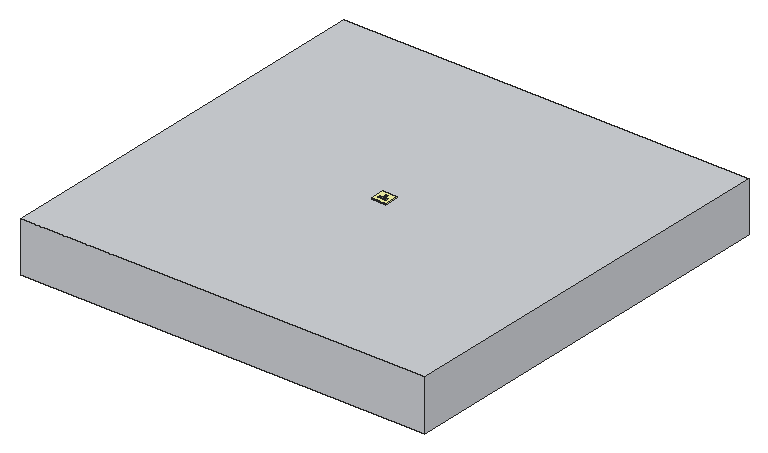
Revit family "EP_5A Lighting Socket", category Electrical Fixtures, host Face, Revit 2013
Parameters
  soc = Socket
  Voltage = 230 V
  Load Classification = Single Socket
  Load = 200 W
  Default Elevation = 1200 mm
Reference planes
  plane 1 "Center (Front/Back)": y = 0
  plane 2: z = 0
  plane 3 "Center (Left/Right)": x = 0
  plane 4: x = -43
  plane 5: x = 43
  plane 6: y = 43
  plane 7: y = -43
  plane 8 "Switch": z = 8
Forms (mm)
  Extrusion 1, solid
    sketch origin (0, 0, 0) x (1, 0, 0) y (0, 1, 0)
      loop
        line (-1219.2, 1219.2) -> (-1219.2, -1219.2) -> (1219.2, -1219.2) -> (1219.2, 1219.2) -> (-1219.2, 1219.2)
    from 0 to -304.8
  Extrusion 2, solid, material "Face Plate"
    sketch origin (0, 0, 0) x (1, 0, 0) y (0, 1, 0)
      loop
        line (-43, -43) -> (43, -43) -> (43, 43) -> (-43, 43) -> (-43, -43)
    from 0 to 8
  Extrusion 3, solid, material "Socket" <- "soc"
    sketch origin (0, 0, 0) x (1, 0, 0) y (0, 1, 0)
      loop
        line (-23, -6) -> (-23, -18) -> (23, -18) -> (23, -6) -> (5, -6) -> (5, 20) -> (-5, 20) -> (-5, -6) -> (-23, -6)
    from 8 to 9
  Extrusion 4, void
    sketch origin (0, 0, 0) x (1, 0, 0) y (0, 1, 0)
      loop
        line (-17, -9.618) -> (-17, -14) -> (-5, -14) -> (-5, -9.618) -> (-17, -9.618)
    from 0 to 9
  Extrusion 5, void
    sketch origin (0, 0, 0) x (-1, 0, 0) y (0, -1, 0)
      loop
        line (-17, 9.618) -> (-5, 9.618) -> (-5, 14) -> (-17, 14) -> (-17, 9.618)
    from 0 to 9
  Extrusion 6, void
    sketch origin (0, 0, 0) x (1, 0, 0) y (0, 1, 0)
      loop
        line (2, 15.984) -> (-2, 15.984) -> (-2, 4) -> (2, 4) -> (2, 15.984)
    from 0 to 9
Cuts and joins
  Extrusion 4, Extrusion 5, Extrusion 6 cuts Extrusion 2
  Extrusion 4, Extrusion 5, Extrusion 6 cuts Extrusion 3
Dimensions and locks
  plane 4 to plane 3 "Center (Left/Right)" to plane 5 = 43 mm, 43 mm
  aligned and locked: plane 2 to Extrusion 1
  aligned and locked: level to Extrusion 1
Nested families
  nested 1: "EP_LT_SO" at (0, 0, 0), type "EP_LT_SO"
Definition of nested family "EP_LT_SO"
  Reference planes
    plane 1: y = 0
    plane 2: x = 0
  Lines and regions (mm)
    detail lines, style "Power Symbols"
      curve 1: line (-1.494, 0, 0) -> (1.506, 0, 0)
      curve 2: arc (1.506, 0, 0) -> (0.006, 1.5, 0) -> (-1.494, 0, 0) r 1.5
      curve 3: line (0, 1.5, 0) -> (0, 2.75, 0)
  Text (mm)
    text "5" at (0.002, 1.491, 0)
